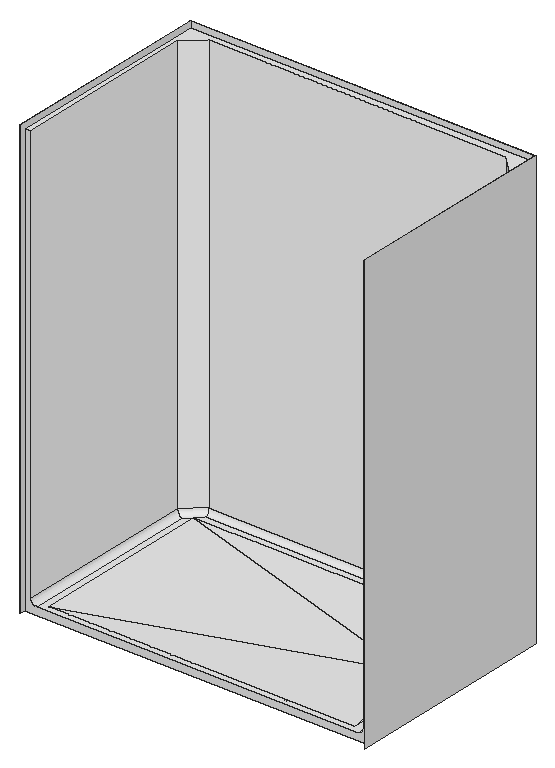
Revit family "LDS6036E12B", category Plumbing Fixtures, Revit 2017
Family settings
  Round Connector Dimension = Use Diameter
  Part Type = Normal
  OmniClass Number = 23.45.05.14.17
  OmniClass Title = Showers
  Work Plane-Based = No
  Always vertical = Yes
  Cut with Voids When Loaded = No
  Shared = No
  Room Calculation Point = No
Parameters (values of type "LDS6036E12B")
  Unit Width = 60"
  Unit Height = 76"
  Unit Depth = 36"
  URL = "http://www.bestbath.com"
  Type Comments = "Barrier Free"
  Threshold Height = 1 1/4"
  Model = "LDS6036E12B"
  Material [instance] = Best Bath Gelcoat Fiberglass - Diamond Tile
  Manufacturer = "Best Bath Systems, Inc."
  Keynote = "22 40 00.B3"
  Description = "Diamond Tile, Beveled Threshold"
  Assembly Code = "D2010710"
Types (3): name | Unit Height | Threshold Height | Model
  (no name) | 76" | 1 1/4" | "LDS6036E12B"
  LDS6036E12B | 76" | 1 1/4" | "LDS6036E12B"
  LDS6036E2B | 77 1/4" | 2" | "LDS6036E2B"
Reference planes
  plane 1 "Back": y = 0
  plane 2: z = 0
  plane 3 "Left": x = 0
  plane 4: x = 1524
  plane 5: y = -914.4
  plane 6: z = 1905
  plane 7: z = 31.75
  plane 8: z = 1930.4
  plane 9: x = 1320.8
  plane 10: y = -457.2
  plane 11: y = -31.75
  plane 12: z = 22.225
  plane 13: y = -939.8
  plane 14: y = -889
  plane 15: x = 1524
Forms (mm)
  Extrusion 1, solid, material "Best Bath Gelcoat Fiberglass - Smooth"
    sketch origin (0, 0, 0) x (1, 0, 0) y (0, 1, 0)
      loop
        line (1495.425, -914.4) -> (1524, -914.4) -> (1524, 0) -> (0, 0) -> (0, -914.4) -> (28.575, -914.4) -> (28.575, -107.95) -> (104.775, -31.75) -> (1419.225, -31.75) -> (1495.425, -107.95) -> (1495.425, -914.4)
    from 0 to 1905
  Extrusion 2, solid, material "Best Bath Gelcoat Fiberglass - Smooth"
    sketch origin (0, 0, 0) x (1, 0, 0) y (0, 1, 0)
      loop
        line (1524, -914.4) -> (1524, 0) -> (0, 0) -> (0, -914.4) -> (1524, -914.4)
      loop
        circle (1320.8, -457.2) r 53.975
    from 0 to 31.75
  Blend 3, void
    base sketch origin (0, 0, 0) x (1, 0, 0) y (0, 1, 0)
      loop
        line (85.725, -889) -> (1438.275, -889) -> (1438.275, -88.9) -> (85.725, -88.9) -> (85.725, -889)
    top sketch origin (0, 0, 0) x (1, 0, 0) y (0, 1, 0)
      loop
        circle (1320.8, -457.2) r 1.051
    from 31.75 to 22.225
  Sweep 4, solid, material "Best Bath Gelcoat Fiberglass - Smooth"
    path origin (0, 0, 0) x (1, 0, 0) y (0, 1, 0)
      loop
        line (28.575, -914.4) -> (28.575, -107.95) -> (105.01, -31.515) -> (1418.99, -31.515) -> (1495.425, -107.95) -> (1495.425, -914.4)
    profile origin (28.575, -511.175, 0) x (-1, 0, 0) y (0, 0, 1)
      loop
        line (0, 31.75) -> (0, 57.15)
        arc (0, 57.15) -> (-7.439, 39.189) -> (-25.4, 31.75) r 25.4
        line (-25.4, 31.75) -> (0, 31.75)
  Extrusion 5, solid, material "Best Bath Gelcoat Fiberglass - Smooth"
    sketch origin (0, 0, 0) x (1, 0, 0) y (0, 1, 0)
      loop
        line (0, -939.8) -> (3.175, -939.8) -> (3.175, -3.175) -> (1520.825, -3.175) -> (1520.825, -939.8) -> (1524, -939.8) -> (1524, 0) -> (0, 0) -> (0, -939.8)
    from 0 to 1930.4
Cuts and joins
  Blend 3 cuts Extrusion 1
  Blend 3 cuts Extrusion 2
  joined: Extrusion 1, Extrusion 2, Sweep 4, Extrusion 5
Dimensions and locks
  plane 3 "Left" to plane 4 = 60"
  "Threshold Height": plane 7 to level
  locked: plane 8 to plane 6 at 25.4
  "Unit Height": plane 8 to level
  plane 3 "Left" to plane 9 to plane 4 = 52", 8" locked
  plane 10 to plane 1 "Back" = 18"
  locked: plane 7 to plane 12 at 9.525
  locked: plane 11 to plane 1 "Back" at 31.75
  locked: plane 5 to plane 13 at 25.4
  plane 13 to plane 1 "Back" = 37"
  locked: plane 14 to plane 5 at 25.4
  "Unit Width": plane 3 "Left" to plane 15
  "Unit Depth": plane 1 "Back" to plane 5
  radius of cut or joined group of Extrusion 1, Extrusion 2, Blend 3, Sweep 4, Extrusion 5 = 1"
  aligned and locked: level to plane 2
  aligned and locked: plane 6 to Extrusion 1
  aligned and locked: plane 7 to Extrusion 2
  aligned and locked: Extrusion 1 sketch curve to plane 4
  aligned and locked: plane 9 to Extrusion 2 sketch curve
  aligned and locked: Extrusion 2 to plane 5
  aligned and locked: plane 10 to Extrusion 2 sketch curve
  aligned and locked: plane 5 to Extrusion 1 sketch curve
  aligned and locked: plane 10 to Blend 3 sketch curve
  aligned and locked: plane 9 to Blend 3 sketch curve
  aligned and locked: Extrusion 2 to Blend 3
  aligned and locked: Blend 3 to plane 12
  aligned and locked: Sweep 4 sketch curve to plane 7
  aligned and locked: plane 8 to Extrusion 5
Automatic sketch dimensions
  Extrusion 2 sketch curve to plane 4 = 0"
  Extrusion 2 sketch curve to plane 5 = 0"
  plane 1 "Back" to Extrusion 2 sketch curve = 0"
  Extrusion 2 sketch curve to plane 3 "Left" = 0"
  Sweep 4 sketch curve to profile plane = 0"
  profile plane to Sweep 4 sketch curve = 1"
  Blend 3 sketch curve to plane 14 = 0"
  plane 3 "Left" to Blend 3 sketch curve = 3 3/8"
  plane 4 to Blend 3 sketch curve = 3 3/8"
  Blend 3 sketch curve to plane 11 = 2 1/4"
  Extrusion 5 sketch curve to plane 3 "Left" = 0"
  Extrusion 5 sketch curve to plane 13 = 0"  (x2)
  plane 1 "Back" to Extrusion 5 sketch curve = 0"
  Extrusion 5 sketch curve to plane 4 = 0"
  plane 3 "Left" to Extrusion 5 sketch curve = 1/8"
  plane 4 to Extrusion 5 sketch curve = 1/8"
  plane 1 "Back" to Extrusion 5 sketch curve = 1/8"
  plane 1 "Back" to Extrusion 1 sketch curve = 0"
  Extrusion 1 sketch curve to plane 3 "Left" = 0"
  Extrusion 1 sketch curve to plane 11 = 0"
  Extrusion 1 sketch curve to plane 5 = 0"
  plane 3 "Left" to Extrusion 1 sketch curve = 1 1/8"
  plane 4 to Extrusion 1 sketch curve = 1 1/8"
  Extrusion 1 sketch curve to plane 11 = 3"  (x2)
  Extrusion 1 sketch curve to plane 9 = 3 7/8"
  plane 3 "Left" to Extrusion 1 sketch curve = 4 1/8"
  Sweep 4 sketch curve to plane 5 = 0"  (x2)
  plane 3 "Left" to Sweep 4 sketch curve = 1 1/8"
  plane 11 to Sweep 4 sketch curve = 0.00925"
  plane 3 "Left" to Sweep 4 sketch curve = 4.13425"
  plane 4 to Sweep 4 sketch curve = 4.13425"
  Sweep 4 sketch curve to plane 11 = 3"  (x2)
  plane 4 to Sweep 4 sketch curve = 1 1/8"
  radius of Blend 3 sketch curve = 0.04138"
  radius of Extrusion 2 sketch curve = 2 1/8"
